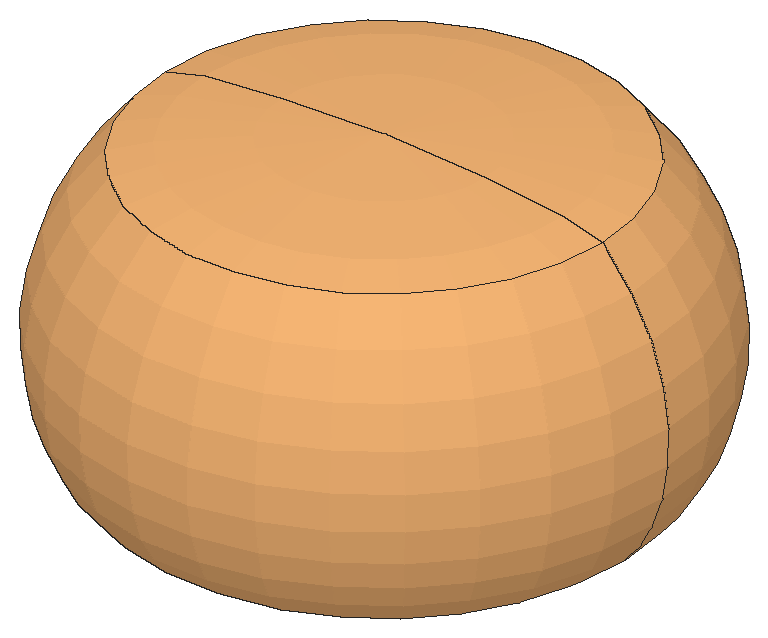
Revit family "Arper_Pix_55_Outdoor_lounge_1seat_3026", category Arredi, Revit 2014
Parameters
  URL = "http://www.arper.com"
  Produttore = "ARPER s.p.a."  # constant formula
  Modello = "Pix 55 Outdoor"  # constant formula
  Descrizione = "One seat low ottoman. Upholstery in leather, faux leather, fabric or\r\ncustomer's own material. 55 cm diameter and 32 cm height."
  Copyright [instance] = "ARPER s.p.a."  # constant formula
  Arper - Glides material [instance] = Arper - generic glides
  Arper - Cover material [instance] = Arper - generic texture
  Arper - Article code [instance] = "art.3026"  # constant formula
Reference planes
  plane 1 "Centro (Fronte/Retro)": y = 0
  plane 2: z = 0
  plane 3 "Centro (Sinistra/Destra)": x = 0
Forms (mm)
  Revolve 1, solid, material "Arper - generic texture" <- "Arper - Cover material"
    sketch origin (0, 0, 0) x (1, 0, 0) y (0, 0, 1)
      loop
        line (0, 319.775) -> (0, 20.125) -> (203.284, 20.125)
        spline (203.284, 20.125) -> (217.309, 22.68) -> (231.275, 31.33) -> (244.47, 45.38) -> (256.181, 64.134) -> (265.695, 86.898) -> (272.3, 112.975) -> (275.283, 141.67) -> (273.932, 172.289) -> (267.535, 204.135) -> (255.378, 236.513) -> (236.749, 268.729) -> (210.935, 300.087)
        spline (210.935, 300.087) -> (206.094, 302.335) -> (198.135, 304.576) -> (187.3, 306.779) -> (173.829, 308.911) -> (157.962, 310.944) -> (139.939, 312.845) -> (120.001, 314.584) -> (98.389, 316.131) -> (75.342, 317.454) -> (51.101, 318.523) -> (25.907, 319.307) -> (0, 319.775)
      axis (0, 319.775) -> (0, 20.125)
    angle from 0 to 360
  Extrusion 2, solid, material "Arper - generic glides" <- "Arper - Glides material"
    sketch origin (29.94, -63.779, 0) x (1, 0, 0) y (0, 1, 0)
      loop
        circle (97.494, 63.779) r 20
    from 0 to 25
  Extrusion 3, solid, material "Arper - generic glides" <- "Arper - Glides material"
    sketch origin (-224.928, -63.779, 0) x (1, 0, 0) y (0, 1, 0)
      loop
        circle (97.494, 63.779) r 20
    from 0 to 25
  Extrusion 4, solid, material "Arper - generic glides" <- "Arper - Glides material"
    sketch origin (63.779, 29.94, 0) x (0, 1, 0) y (-1, 0, 0)
      loop
        circle (97.494, 63.779) r 20
    from 0 to 25
  Extrusion 5, solid, material "Arper - generic glides" <- "Arper - Glides material"
    sketch origin (63.779, -224.928, 0) x (0, 1, 0) y (-1, 0, 0)
      loop
        circle (97.494, 63.779) r 20
    from 0 to 25
Dimensions and locks
  aligned and locked: level to plane 2
